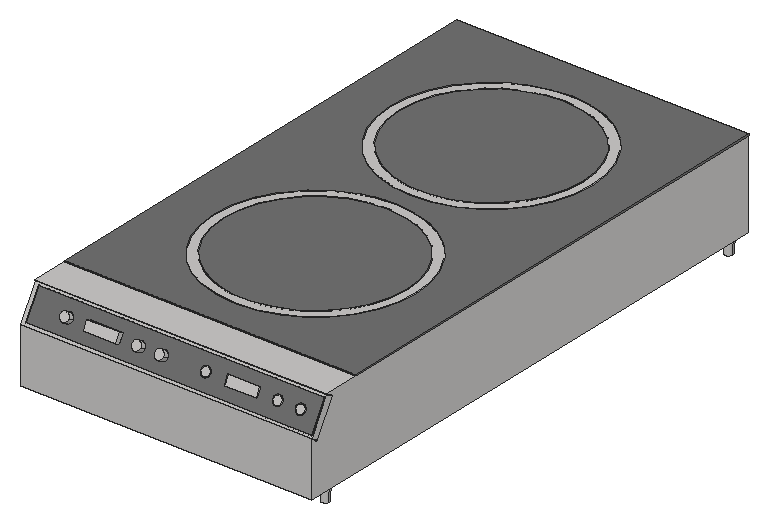
Revit family "QF_Vollrath 69522", category Specialty Equipment, Revit 2016
Family settings
  Part Type = Normal
  Round Connector Dimension = Use Diameter
  OmniClass Number = 23.40.40.11.21
  OmniClass Title = Hot Cabinets
  Work Plane-Based = No
  Always vertical = Yes
  Cut with Voids When Loaded = No
  Shared = No
  Room Calculation Point = No
Parameters (values of type "208V")
  Weight in Pounds = 44
  Watts = 5000 W
  Watermarked By = "http://revitwatermark.com"
  Volts = 208 V
  URL Cutsheet = ""
  URL = "www.vollrathco.com"
  Status [instance] = ""
  Specification by User [instance] = ""
  Specification by Manufacturer = ""
  Serial Number [instance] = ""
  Seismic Rating [instance] = ""
  SMACNA No [instance] = ""
  Revision Code [instance] = ""
  Phase = 1
  Number of Poles [instance] = 1
  NAFEM Spec ID Number [instance] = ""
  Model = "69522"
  Masterspec = ""
  Manufacturer = "Vollrath"
  Item Number [instance] = ""
  Installed By [instance] = ""
  Height AFF [instance] = 36.00"
  Furnished By [instance] = ""
  Foodservice Equipment Identifier [instance] = yes
  FL Amps = 24.1 A
  Electrical Remarks [instance] = ""
  Electric Connection Type [instance] = ""
  Elec Conn RI Height [instance] = 0.00"
  Elec Conn Connection Height = 2.00"
  Description = "Induction Range, Countertop"
  Cycle = 60 Hz
  Conn Plug = "NEMA 6-30P"
  CSI MasterFormat = "11 42 13"
  Assembly Code = "E1090320"
  Apparent Power = if(Phase = 3, Volts * FL Amps * 1.73, Volts * FL Amps)  # 5012.8 VA
Types (2): name | Watts | Volts | Apparent Power
  208V | 5000 W | 208 V | 5012.8 VA
  240V | 5800 W | 240 V | 5784 VA
Reference planes (in)
  plane 1: z = 0
  plane 2 "LEFT": x = 48
  plane 3 "BACK": y = -48
  plane 4 "BOTTOM": z = 36
  plane 5 "RIGHT": x = 63.9
  plane 6 "FRONT": y = -77.75
  plane 7 "TOP": z = 41.81
  plane 8: z = 37
  plane 9: y = -45
  plane 10: z = 37.5
  plane 11: x = 57.40925
  plane 12: x = 56.69695
  plane 13: z = 41.7475
  plane 14: y = -74.75
  plane 15: x = 63.15
Forms (in)
  Extrusion 1, solid, material "QF_Finishes_Stainless Steel"
    sketch origin (0.7123, -74.56853, 8.37191) x (1, 0, 0) y (0, 0.5, 0.866025)
      loop
        line (47.2877, 27.77623) -> (47.2877, 25.78901) -> (63.1877, 25.78901) -> (63.1877, 27.77623) -> (47.2877, 27.77623)
      loop
        line (47.47803, 27.66901) -> (47.47803, 25.91901) -> (63.08313, 25.91901) -> (63.08313, 27.66901) -> (47.47803, 27.66901)
    from 18.14569 to 18.5
  Extrusion 2, solid, material "QF_Finishes_Stainless Steel"
    sketch origin (3.7123, -74.56853, 8.37191) x (1, 0, 0) y (0, 0.5, 0.866025)
      loop
        line (55.07331, 27.05441) -> (55.07331, 26.55441) -> (56.82331, 26.55441) -> (56.82331, 27.05441) -> (55.07331, 27.05441)
      loop
        circle (53.94695, 26.80981) r 0.25
      loop
        circle (57.87771, 26.79276) r 0.25
      loop
        circle (59.12771, 26.79276) r 0.25
    from 18.14569 to 18.5
  Extrusion 3, solid, material "QF_Finishes_Stainless Steel"
    sketch origin (0.7123, -74.56853, 8.37191) x (1, 0, 0) y (0, 0.5, 0.866025)
      loop
        circle (56.94695, 26.80981) r 0.25
      loop
        circle (60.87771, 26.79276) r 0.25
      loop
        line (58.07331, 27.05441) -> (58.07331, 26.55441) -> (59.82331, 26.55441) -> (59.82331, 27.05441) -> (58.07331, 27.05441)
      loop
        circle (62.12771, 26.79276) r 0.25
    from 18.14569 to 18.5
  Extrusion 4, solid, material "QF_Finishes_Dark Grey"
    sketch origin (0.7123, -75.06619, 8.58747) x (1, 0, 0) y (0, 0.5, 0.866025)
      loop
        line (47.47803, 25.98116) -> (63.08313, 25.98116) -> (63.08313, 27.73116) -> (47.47803, 27.73116) -> (47.47803, 25.98116)
      loop
        circle (62.11833, 26.8549) r 0.25
      loop
        circle (60.86833, 26.8549) r 0.25
      loop
        line (59.81393, 26.61655) -> (59.81393, 27.11655) -> (58.06393, 27.11655) -> (58.06393, 26.61655) -> (59.81393, 26.61655)
      loop
        circle (56.93757, 26.87196) r 0.25
    from 17.96123 to 17.60693
  Blend 5, solid, material "QF_Finishes_Stainless Steel"
    base sketch origin (0, 0, 0) x (1, 0, 0) y (0, 1, 0)
      loop
        circle (48.59304, -48.51168) r 0.20891
    top sketch origin (0, 0, 0) x (1, 0, 0) y (0, 1, 0)
      loop
        circle (48.59304, -48.51168) r 0.25
    from 36 to 37
  Blend 6, solid, material "QF_Finishes_Stainless Steel"
    base sketch origin (14.75, 0, 0) x (1, 0, 0) y (0, 1, 0)
      loop
        circle (48.49304, -48.51168) r 0.20891
    top sketch origin (14.75, 0, 0) x (1, 0, 0) y (0, 1, 0)
      loop
        circle (48.49304, -48.51168) r 0.25
    from 36 to 37
  Blend 7, solid, material "QF_Finishes_Stainless Steel"
    base sketch origin (0, -16.25, 0) x (1, 0, 0) y (0, 1, 0)
      loop
        circle (48.59304, -59.76168) r 0.20891
    top sketch origin (0, -16.25, 0) x (1, 0, 0) y (0, 1, 0)
      loop
        circle (48.59304, -59.76168) r 0.25
    from 36 to 37
  Blend 8, solid, material "QF_Finishes_Stainless Steel"
    base sketch origin (14.75, -16.25, 0) x (1, 0, 0) y (0, 1, 0)
      loop
        circle (48.49304, -59.76168) r 0.20891
    top sketch origin (14.75, -16.25, 0) x (1, 0, 0) y (0, 1, 0)
      loop
        circle (48.49304, -59.76168) r 0.25
    from 36 to 37
  Extrusion 9, solid, material "QF_Finishes_Stainless Steel", not visible
    sketch origin (0, -63.31853, -5.50809) x (1, 0, 0) y (0, 0.5, 0.866025)
      loop
        line (47.2877, 27.93) -> (47.2877, 25.68) -> (63.33689, 25.68) -> (63.33689, 27.93) -> (47.2877, 27.93)
      loop
        line (47.47803, 27.77623) -> (47.47803, 25.78901) -> (63.1877, 25.78901) -> (63.1877, 27.77623) -> (47.47803, 27.77623)
    from 18.14569 to 18.5
  Extrusion 10, solid, material "QF_Finishes_Stainless Steel", not visible
    sketch origin (0, -63.31853, -5.50809) x (1, 0, 0) y (0, 0.5, 0.866025)
      loop
        line (47.2877, 27.77623) -> (47.2877, 25.78901) -> (63.1877, 25.78901) -> (63.1877, 27.77623) -> (47.2877, 27.77623)
      loop
        line (47.47803, 27.66901) -> (47.47803, 25.91901) -> (63.08313, 25.91901) -> (63.08313, 27.66901) -> (47.47803, 27.66901)
    from 18.14569 to 18.5
  Extrusion 11, solid, material "QF_Finishes_Stainless Steel", not visible
    sketch origin (3, -63.31853, -5.50809) x (1, 0, 0) y (0, 0.5, 0.866025)
      loop
        line (55.07331, 27.05441) -> (55.07331, 26.55441) -> (56.82331, 26.55441) -> (56.82331, 27.05441) -> (55.07331, 27.05441)
      loop
        circle (53.94695, 26.80981) r 0.25
      loop
        circle (57.87771, 26.79276) r 0.25
      loop
        circle (59.12771, 26.79276) r 0.25
    from 18.14569 to 18.5
  Extrusion 12, solid, material "QF_Finishes_Stainless Steel", not visible
    sketch origin (0, -63.31853, -5.50809) x (1, 0, 0) y (0, 0.5, 0.866025)
      loop
        circle (56.94695, 26.80981) r 0.25
      loop
        circle (60.87771, 26.79276) r 0.25
      loop
        line (58.07331, 27.05441) -> (58.07331, 26.55441) -> (59.82331, 26.55441) -> (59.82331, 27.05441) -> (58.07331, 27.05441)
      loop
        circle (62.12771, 26.79276) r 0.25
    from 18.14569 to 18.5
  Extrusion 13, solid, material "QF_Finishes_Dark Grey", not visible
    sketch origin (0, -63.81619, -5.29253) x (1, 0, 0) y (0, 0.5, 0.866025)
      loop
        line (47.47803, 25.98116) -> (63.08313, 25.98116) -> (63.08313, 27.73116) -> (47.47803, 27.73116) -> (47.47803, 25.98116)
      loop
        circle (62.11833, 26.8549) r 0.25
      loop
        circle (60.86833, 26.8549) r 0.25
      loop
        line (59.81393, 26.61655) -> (59.81393, 27.11655) -> (58.06393, 27.11655) -> (58.06393, 26.61655) -> (59.81393, 26.61655)
      loop
        circle (56.93757, 26.87196) r 0.25
    from 17.96123 to 17.60693
  Extrusion 14, solid, material "QF_Finishes_Stainless Steel"
    sketch origin (-3.7877, -74.56853, 8.37191) x (1, 0, 0) y (0, 0.5, 0.866025)
      loop
        line (55.07331, 27.05441) -> (55.07331, 26.55441) -> (56.82331, 26.55441) -> (56.82331, 27.05441) -> (55.07331, 27.05441)
      loop
        circle (53.94695, 26.80981) r 0.25
      loop
        circle (57.87771, 26.79276) r 0.25
      loop
        circle (59.12771, 26.79276) r 0.25
    from 18.14569 to 18.5
  Extrusion 15, solid, material "QF_Finishes_Stainless Steel"
    sketch origin (-6.7877, -74.56853, 8.37191) x (1, 0, 0) y (0, 0.5, 0.866025)
      loop
        circle (56.94695, 26.80981) r 0.25
      loop
        circle (60.87771, 26.79276) r 0.25
      loop
        line (58.07331, 27.05441) -> (58.07331, 26.55441) -> (59.82331, 26.55441) -> (59.82331, 27.05441) -> (58.07331, 27.05441)
      loop
        circle (62.12771, 26.79276) r 0.25
    from 18.14569 to 18.76495
  Extrusion 16, solid, material "QF_Finishes_Stainless Steel", not visible
    sketch origin (-4.5, -63.31853, -5.50809) x (1, 0, 0) y (0, 0.5, 0.866025)
      loop
        line (55.07331, 27.05441) -> (55.07331, 26.55441) -> (56.82331, 26.55441) -> (56.82331, 27.05441) -> (55.07331, 27.05441)
      loop
        circle (53.94695, 26.80981) r 0.25
      loop
        circle (57.87771, 26.79276) r 0.25
      loop
        circle (59.12771, 26.79276) r 0.25
    from 18.14569 to 18.5
  Extrusion 17, solid, material "QF_Finishes_Stainless Steel", not visible
    sketch origin (-7.5, -63.31853, -5.50809) x (1, 0, 0) y (0, 0.5, 0.866025)
      loop
        circle (56.94695, 26.80981) r 0.25
      loop
        circle (60.87771, 26.79276) r 0.25
      loop
        line (58.07331, 27.05441) -> (58.07331, 26.55441) -> (59.82331, 26.55441) -> (59.82331, 27.05441) -> (58.07331, 27.05441)
      loop
        circle (62.12771, 26.79276) r 0.25
    from 18.14569 to 18.76495
  Extrusion 18, solid, material "QF_Finishes_Dark Grey"
    sketch origin (0, 0, 0) x (1, 0, 0) y (0, 1, 0)
      loop
        line (63.9, -48) -> (48, -48) -> (48, -74.75) -> (63.9, -74.75) -> (63.9, -48)
      loop
        circle (55.97023, -55.60442) r 5.5
      loop
        circle (55.97023, -55.60442) r 5
      loop
        circle (55.97023, -67.60442) r 5.5
      loop
        circle (55.97023, -67.60442) r 5
    from 41.7475 to 41.81
  Extrusion 19, solid, material "QF_Finishes_Stainless Steel"
    sketch origin (0, 1, 0) x (1, 0, 0) y (0, 1, 0)
      loop
        circle (55.97023, -56.60442) r 5.5
      loop
        circle (55.97023, -56.60442) r 5
      loop
        circle (55.97023, -68.60442) r 5.5
      loop
        circle (55.97023, -68.60442) r 5
    from 41.7475 to 41.81
  Extrusion 20, solid, material "QF_Finishes_Stainless Steel"
    sketch origin (48, 0, 0) x (0, 1, 0) y (0, 0, 1)
      loop
        line (-77.75, 37) -> (-48, 37) -> (-48, 41.7475) -> (-76.74232, 41.7475) -> (-76.37455, 41.53517) -> (-77.39921, 39.76042) -> (-77.75, 39.9918) -> (-77.75, 37)
    from 0 to 15.9
  Extrusion 21, solid, material "QF_Finishes_Stainless Steel"
    sketch origin (-14.5, -48, 0) x (1, 0, 0) y (0, 0, 1)
      loop
        circle (63.15, 37.5) r 0.25
    from 0 to -0.22144
  Extrusion 22, solid, material "QF_Finishes_Clearances", detail levels coarse
    sketch origin (0, 0, 0) x (1, 0, 0) y (0, 1, 0)
      loop
        line (48, -45) -> (48, -48) -> (63.9, -48) -> (63.9, -45) -> (48, -45)
    from 36 to 41.81
Lines and regions (in)
  symbolic lines
    curve 1: line (63.9, -48, 0) -> (48, -48, 0)
    curve 2: line (48, -48, 0) -> (48, -77.75, 0)
    curve 3: line (63.9, -77.75, 0) -> (63.9, -48, 0)
    curve 4: line (63.9, -76.39505, 0) -> (48, -76.39505, 0)
    curve 5: arc (61.47023, -55.60442, 0) -> (55.97023, -50.10442, 0) -> (50.47023, -55.60442, 0) r 5.5
    curve 6: arc (50.97023, -55.60442, 0) -> (55.97023, -50.60442, 0) -> (60.97023, -55.60442, 0) r 5
    curve 7: arc (50.47023, -55.60442, 0) -> (55.97023, -61.10442, 0) -> (61.47023, -55.60442, 0) r 5.5
    curve 8: arc (60.97023, -55.60442, 0) -> (55.97023, -60.60442, 0) -> (50.97023, -55.60442, 0) r 5
    curve 9: line (48, -77.75, 0) -> (63.9, -77.75, 0)
    curve 10: arc (61.47023, -67.60442, 0) -> (55.97023, -62.10442, 0) -> (50.47023, -67.60442, 0) r 5.5
    curve 11: arc (50.97023, -67.60442, 0) -> (55.97023, -62.60442, 0) -> (60.97023, -67.60442, 0) r 5
    curve 12: arc (50.47023, -67.60442, 0) -> (55.97023, -73.10442, 0) -> (61.47023, -67.60442, 0) r 5.5
    curve 13: arc (60.97023, -67.60442, 0) -> (55.97023, -72.60442, 0) -> (50.97023, -67.60442, 0) r 5
    curve 14: line (48, -74.75, 0) -> (63.9, -74.75, 0)
Dimensions and locks (in)
  "Height AFF": plane 4 "BOTTOM" to level
  plane 6 "FRONT" to plane 3 "BACK" = 29.75"
  plane 3 "BACK" to plane 9 = 3.00"
  locked: plane 8 to plane 4 "BOTTOM" at 1
  Blend 5 sketch curve to plane 3 "BACK" = 0.51168"
  locked: Blend 5 sketch curve to plane 3 "BACK" at 0.51168
  locked: plane 7 "TOP" to plane 8 at 4.81
  locked: plane 10 to plane 8 at 0.5
  locked: plane 7 "TOP" to Extrusion 4 at 0.98488
  plane 2 "LEFT" to plane 5 "RIGHT" = 15.90"
  locked: plane 13 to plane 7 "TOP" at 0.0625
  aligned and locked: level to plane 1
  aligned and locked: Extrusion 3 sketch curve to Extrusion 2  (x2)
  aligned and locked: Extrusion 1 to Extrusion 4 sketch curve
  aligned and locked: Extrusion 4 sketch curve to Extrusion 1
  aligned and locked: Extrusion 3 to Extrusion 4 sketch curve
  aligned and locked: Extrusion 4 sketch curve to Extrusion 3
  aligned and locked: plane 8 to Blend 7
  aligned and locked: Blend 7 to plane 4 "BOTTOM"
  aligned and locked: plane 8 to Blend 8
  aligned and locked: Blend 8 to plane 4 "BOTTOM"
  aligned and locked: plane 8 to Blend 6
  aligned and locked: Blend 6 to plane 4 "BOTTOM"
  aligned and locked: plane 8 to Blend 5
  aligned and locked: Blend 5 to plane 4 "BOTTOM"
  aligned and locked: Extrusion 1 to Extrusion 3  (x2)
  aligned and locked: Extrusion 1 to Extrusion 4  (x3)
  aligned and locked: Extrusion 1 to Extrusion 2  (x2)
  aligned and locked: Extrusion 10 sketch curve to Extrusion 9
  aligned and locked: Extrusion 9 to Extrusion 10 sketch curve
  aligned and locked: Extrusion 12 sketch curve to Extrusion 11  (x2)
  aligned and locked: Extrusion 10 to Extrusion 13 sketch curve
  aligned and locked: Extrusion 13 sketch curve to Extrusion 10
  aligned and locked: Extrusion 12 to Extrusion 13 sketch curve
  aligned and locked: Extrusion 13 sketch curve to Extrusion 12
  aligned and locked: Extrusion 15 sketch curve to Extrusion 14  (x2)
  aligned and locked: Extrusion 17 sketch curve to Extrusion 16  (x2)
  aligned and locked: plane 7 "TOP" to Extrusion 19
  aligned and locked: plane 13 to Extrusion 19
  aligned and locked: plane 7 "TOP" to Extrusion 18
  aligned and locked: plane 13 to Extrusion 18
  aligned and locked: plane 6 "FRONT" to Extrusion 20 sketch curve
  aligned and locked: plane 8 to Extrusion 20 sketch curve
  aligned and locked: plane 3 "BACK" to Extrusion 20 sketch curve
  aligned and locked: plane 13 to Extrusion 20 sketch curve
  aligned and locked: plane 2 "LEFT" to Extrusion 22 sketch curve
  aligned and locked: Extrusion 22 sketch curve to curve 1
  aligned and locked: Extrusion 22 sketch curve to curve 3
  aligned and locked: plane 7 "TOP" to Extrusion 22
  aligned and locked: Extrusion 22 to plane 4 "BOTTOM"
Automatic sketch dimensions
  Extrusion 1 sketch curve to Extrusion 1 sketch curve = 0.19033"
  Extrusion 1 sketch curve to Extrusion 1 sketch curve = 0.10457"
  Extrusion 1 sketch curve to Extrusion 1 sketch curve = 0.13"
  Extrusion 1 sketch curve to Extrusion 1 sketch curve = 0.10721"
  Extrusion 2 sketch curve to Extrusion 2 sketch curve = 1.0544"
  Extrusion 2 sketch curve to Extrusion 2 sketch curve = 1.25"
  Extrusion 2 sketch curve to Extrusion 2 sketch curve = 0.23835"
  Extrusion 2 sketch curve to Extrusion 2 sketch curve = 0.00"
  Extrusion 2 sketch curve to Extrusion 2 sketch curve = 0.25541"
  Extrusion 2 sketch curve to Extrusion 2 sketch curve = 0.50"
  Extrusion 3 sketch curve to Extrusion 3 sketch curve = 0.25"  (x3)
  Extrusion 3 sketch curve to Extrusion 3 sketch curve = 0.8044"
  Extrusion 3 sketch curve to Extrusion 3 sketch curve = 0.75"
  Extrusion 3 sketch curve to Extrusion 3 sketch curve = 0.23835"
  Extrusion 3 sketch curve to Extrusion 3 sketch curve = 0.00"  (x4)
  Extrusion 3 sketch curve to Extrusion 3 sketch curve = 0.24459"
  plane 11 to Extrusion 4 sketch curve = 0.00939"
  Extrusion 4 sketch curve to plane 11 = 0.24061"
  Extrusion 4 sketch curve to Extrusion 4 sketch curve = 0.8044"
  Extrusion 4 sketch curve to Extrusion 4 sketch curve = 0.25"  (x2)
  Extrusion 4 sketch curve to Extrusion 4 sketch curve = 0.75"
  Extrusion 4 sketch curve to Extrusion 4 sketch curve = 0.7148"
  Extrusion 4 sketch curve to Extrusion 4 sketch curve = 0.23835"
  Extrusion 4 sketch curve to Extrusion 4 sketch curve = 0.00"  (x3)
  Extrusion 4 sketch curve to Extrusion 4 sketch curve = 0.24459"
  plane 2 "LEFT" to Blend 5 sketch curve = 0.59304"  (x2)
  Blend 6 sketch curve to plane 5 "RIGHT" = 0.65696"  (x2)
  plane 3 "BACK" to Blend 6 sketch curve = 0.51168"  (x2)
  plane 2 "LEFT" to Blend 7 sketch curve = 0.59304"  (x2)
  Blend 8 sketch curve to plane 5 "RIGHT" = 0.65696"  (x2)
  Extrusion 14 sketch curve to Extrusion 14 sketch curve = 1.0544"
  Extrusion 14 sketch curve to Extrusion 14 sketch curve = 1.25"
  Extrusion 14 sketch curve to Extrusion 14 sketch curve = 0.23835"
  Extrusion 14 sketch curve to Extrusion 14 sketch curve = 0.00"
  Extrusion 14 sketch curve to Extrusion 14 sketch curve = 0.25541"
  Extrusion 14 sketch curve to Extrusion 14 sketch curve = 0.50"
  Extrusion 15 sketch curve to Extrusion 15 sketch curve = 0.25"  (x3)
  Extrusion 15 sketch curve to Extrusion 15 sketch curve = 0.8044"
  Extrusion 15 sketch curve to Extrusion 15 sketch curve = 0.75"
  Extrusion 15 sketch curve to Extrusion 15 sketch curve = 0.23835"
  Extrusion 15 sketch curve to Extrusion 15 sketch curve = 0.00"  (x4)
  Extrusion 15 sketch curve to Extrusion 15 sketch curve = 0.24459"
  Extrusion 9 sketch curve to Extrusion 9 sketch curve = 0.19033"
  Extrusion 9 sketch curve to Extrusion 9 sketch curve = 0.14919"
  Extrusion 9 sketch curve to Extrusion 9 sketch curve = 0.10901"
  Extrusion 9 sketch curve to Extrusion 9 sketch curve = 1.98721"
  Extrusion 9 sketch curve to Extrusion 9 sketch curve = 0.15377"
  Extrusion 10 sketch curve to Extrusion 10 sketch curve = 0.19033"
  Extrusion 10 sketch curve to Extrusion 10 sketch curve = 0.10457"
  Extrusion 10 sketch curve to Extrusion 10 sketch curve = 0.13"
  Extrusion 10 sketch curve to Extrusion 10 sketch curve = 0.10721"
  Extrusion 11 sketch curve to Extrusion 11 sketch curve = 1.0544"
  Extrusion 11 sketch curve to Extrusion 11 sketch curve = 1.25"
  Extrusion 11 sketch curve to Extrusion 11 sketch curve = 0.23835"
  Extrusion 11 sketch curve to Extrusion 11 sketch curve = 0.00"
  Extrusion 11 sketch curve to Extrusion 11 sketch curve = 0.25541"
  Extrusion 11 sketch curve to Extrusion 11 sketch curve = 0.50"
  Extrusion 12 sketch curve to Extrusion 12 sketch curve = 0.25"  (x3)
  Extrusion 12 sketch curve to Extrusion 12 sketch curve = 0.8044"
  Extrusion 12 sketch curve to Extrusion 12 sketch curve = 0.75"
  Extrusion 12 sketch curve to Extrusion 12 sketch curve = 0.23835"
  Extrusion 12 sketch curve to Extrusion 12 sketch curve = 0.00"  (x4)
  Extrusion 12 sketch curve to Extrusion 12 sketch curve = 0.24459"
  plane 12 to Extrusion 13 sketch curve = 0.00939"
  Extrusion 13 sketch curve to plane 12 = 0.24061"
  Extrusion 13 sketch curve to Extrusion 13 sketch curve = 0.8044"
  Extrusion 13 sketch curve to Extrusion 13 sketch curve = 0.25"  (x2)
  Extrusion 13 sketch curve to Extrusion 13 sketch curve = 0.75"
  Extrusion 13 sketch curve to Extrusion 13 sketch curve = 0.7148"
  Extrusion 13 sketch curve to Extrusion 13 sketch curve = 0.23835"
  Extrusion 13 sketch curve to Extrusion 13 sketch curve = 0.00"  (x3)
  Extrusion 13 sketch curve to Extrusion 13 sketch curve = 0.24459"
  Extrusion 1 sketch curve to Extrusion 1 sketch curve = 15.6051"
  Extrusion 1 sketch curve to Extrusion 1 sketch curve = 1.75"
  Extrusion 2 sketch curve to Extrusion 2 sketch curve = 1.12636"
  Extrusion 2 sketch curve to Extrusion 2 sketch curve = 1.75"
  Extrusion 3 sketch curve to Extrusion 3 sketch curve = 0.87636"
  Extrusion 3 sketch curve to Extrusion 3 sketch curve = 1.75"
  plane 11 to Extrusion 4 sketch curve = 9.21892"
  Extrusion 4 sketch curve to Extrusion 4 sketch curve = 0.87636"
  Extrusion 4 sketch curve to Extrusion 4 sketch curve = 1.75"
  Extrusion 14 sketch curve to Extrusion 14 sketch curve = 1.12636"
  Extrusion 14 sketch curve to Extrusion 14 sketch curve = 1.75"
  Extrusion 15 sketch curve to Extrusion 15 sketch curve = 0.87636"
  Extrusion 15 sketch curve to Extrusion 15 sketch curve = 1.75"
  Extrusion 10 sketch curve to Extrusion 10 sketch curve = 15.6051"
  Extrusion 10 sketch curve to Extrusion 10 sketch curve = 1.75"
  Extrusion 11 sketch curve to Extrusion 11 sketch curve = 1.12636"
  Extrusion 11 sketch curve to Extrusion 11 sketch curve = 1.75"
  Extrusion 12 sketch curve to Extrusion 12 sketch curve = 0.87636"
  Extrusion 12 sketch curve to Extrusion 12 sketch curve = 1.75"
  plane 12 to Extrusion 13 sketch curve = 9.21892"
  Extrusion 13 sketch curve to Extrusion 13 sketch curve = 0.87636"
  Extrusion 13 sketch curve to Extrusion 13 sketch curve = 1.75"
  Extrusion 16 sketch curve to Extrusion 16 sketch curve = 1.12636"
  Extrusion 16 sketch curve to Extrusion 16 sketch curve = 1.75"
  Extrusion 17 sketch curve to Extrusion 17 sketch curve = 0.00"  (x3)
  Extrusion 17 sketch curve to Extrusion 17 sketch curve = 0.87636"
  Extrusion 17 sketch curve to Extrusion 17 sketch curve = 1.75"
  plane 6 "FRONT" to Blend 7 sketch curve = 1.73832"  (x2)
  plane 6 "FRONT" to Blend 8 sketch curve = 1.73832"  (x2)
  Extrusion 18 sketch curve to Extrusion 18 sketch curve = 0.00"  (x24)
  Extrusion 18 sketch curve to plane 2 "LEFT" = 0.00"
  plane 3 "BACK" to Extrusion 18 sketch curve = 0.00"
  Extrusion 18 sketch curve to plane 5 "RIGHT" = 0.00"
  plane 2 "LEFT" to Extrusion 18 sketch curve = 2.47023"  (x2)
  Extrusion 18 sketch curve to Extrusion 18 sketch curve = 0.50"  (x2)
  Extrusion 18 sketch curve to Extrusion 18 sketch curve = 5.00"  (x2)
  plane 3 "BACK" to Extrusion 18 sketch curve = 7.60442"
  plane 6 "FRONT" to Extrusion 18 sketch curve = 10.14558"
  plane 6 "FRONT" to Extrusion 18 sketch curve = 3.00"
  curve 5 to curve 6 = 0.00"
  curve 5 to curve 8 = 0.00"
  curve 10 to curve 11 = 0.00"  (x2)
  curve 9 to plane 2 "LEFT" = 0.00"
  curve 3 to plane 5 "RIGHT" = 0.00"
  curve 9 to plane 6 "FRONT" = 0.00"
  plane 3 "BACK" to curve 2 = 0.00"
  plane 2 "LEFT" to curve 12 = 2.47023"
  plane 2 "LEFT" to curve 7 = 2.47023"
  curve 10 to curve 11 = 0.50"
  curve 5 to curve 8 = 0.50"
  curve 6 to curve 6 = 5.00"
  curve 11 to curve 12 = 5.00"
  curve 3 to curve 4 = 1.35495"
  curve 4 to curve 12 = 8.79062"
  plane 3 "BACK" to curve 7 = 7.60442"
  Extrusion 19 sketch curve to Extrusion 19 sketch curve = 0.00"  (x4)
  plane 2 "LEFT" to Extrusion 19 sketch curve = 2.47023"  (x2)
  Extrusion 19 sketch curve to Extrusion 19 sketch curve = 0.50"  (x2)
  Extrusion 19 sketch curve to Extrusion 19 sketch curve = 5.00"  (x2)
  plane 3 "BACK" to Extrusion 19 sketch curve = 7.60442"
  plane 6 "FRONT" to Extrusion 19 sketch curve = 10.14558"
  plane 6 "FRONT" to Extrusion 20 sketch curve = 0.35079"
  plane 6 "FRONT" to Extrusion 20 sketch curve = 1.00768"
  plane 13 to Extrusion 20 sketch curve = 0.21233"
  Extrusion 20 sketch curve to Extrusion 20 sketch curve = 0.36776"
  Extrusion 20 sketch curve to Extrusion 20 sketch curve = 0.23138"
  plane 14 to curve 14 = 0.00"
  Extrusion 21 sketch curve to plane 10 = 0.00"
  Extrusion 21 sketch curve to plane 15 = 14.50"
  Extrusion 22 sketch curve to plane 9 = 0.00"
  radius of Extrusion 2 sketch curve = 0.25"  (x3)
  radius of Blend 5 sketch curve = 0.20891"
  radius of Blend 5 sketch curve = 0.25"
  radius of Blend 6 sketch curve = 0.20891"
  radius of Blend 6 sketch curve = 0.25"
  radius of Blend 7 sketch curve = 0.20891"
  radius of Blend 7 sketch curve = 0.25"
  radius of Blend 8 sketch curve = 0.20891"
  radius of Blend 8 sketch curve = 0.25"
  radius of Extrusion 14 sketch curve = 0.25"  (x3)
  radius of Extrusion 11 sketch curve = 0.25"  (x3)
  radius of Extrusion 21 sketch curve = 0.25"
Connectors (in)
  electrical at (48.65, -47.77856, 37.5), driven by "Number of Poles", driven by "Volts", driven by "Apparent Power"
    settings: on Extrusion 21, index 1, voltage 208 V, apparent load 5012.8 VA, apparent load phase1 0 VA, apparent load phase2 0 VA, apparent load phase3 0 VA, power factor 1, load classification "Other", number of poles 1, system type 30, power factor state 1, is connector primary yes, connector utility no, sub classification motor no, connector description "Electric Connection"
